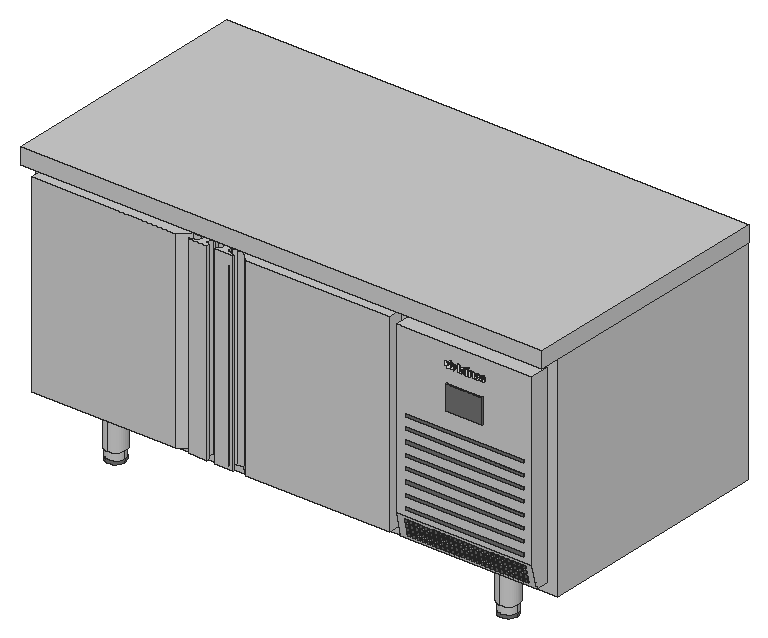
Revit family "QF_INFRICO_MR1620_250813115525", category Specialty Equipment, Revit 2021
Family settings
  Round Connector Dimension = Use Diameter
  Part Type = Normal
  OmniClass Number = 23.40.40.14
  OmniClass Title = Food Service Equipment
  Work Plane-Based = No
  Always vertical = Yes
  Cut with Voids When Loaded = No
  Shared = No
  Room Calculation Point = No
Parameters (values of type "MR1620-R290")
  Weight [instance] = 155.999 kg
  Waste Water Discharge Temperature [instance] = 0 °C
  Waste Remarks [instance] = ""
  Warranty Start Date [instance] = ""
  Warranty Duration [instance] = ""
  Volts [instance] = 230 V
  Volt Free Conn [instance] = no
  URL Recommended Spares List [instance] = ""
  URL Manufacturer [instance] = ""
  URL Cutsheet [instance] = ""
  URL Critical Spares List [instance] = ""
  URL = "www.infrico.com"
  Technical Documentation [instance] = ""
  Tag Number [instance] = ""
  Status [instance] = ""
  Start Up Current [instance] = 0 A
  Specification by User [instance] = ""
  Specification by Manufacturer [instance] = ""
  Sound Level [instance] = ""
  Show Logo [instance] = yes
  Show Clearances [instance] = yes
  Service Life Duration [instance] = ""
  Serial Number [instance] = ""
  Seismic Rating [instance] = ""
  SMACNA No [instance] = ""
  Revision Code [instance] = ""
  Revision [instance] = ""
  Production Year [instance] = ""
  Potential Equalisation [instance] = no
  Point Load [instance] = 0
  Plumbing Connection Type [instance] = ""
  Phase [instance] = 1
  Other Equipment Approvals [instance] = ""
  Operational Current [instance] = 0 A
  Number of Poles [instance] = 2
  No Load Power Draw [instance] = no
  NAFEM Spec ID Number [instance] = ""
  Model Warning [instance] = ""
  Model = "MR1620"
  Min Ckt Ampacity [instance] = 0 A
  Max Overcurrent Protection [instance] = 0 A
  Masterspec [instance] = ""
  Manufacturer = "INFRICO"
  Main switch integrated [instance] = no
  Length Actual [instance] = 1617.98 mm
  Item Number [instance] = ""
  Installed By [instance] = ""
  Installation Date [instance] = ""
  Indirect Waste Size [instance] = 19.05 mm
  Indirect Waste Remarks [instance] = ""
  Indirect Waste Flow [instance] = 0.0 L/s
  Indirect Waste Connection Type [instance] = ""
  Indirect Waste Connection Height [instance] = 0 mm
  Identify Quantity as Lot [instance] = no
  ID [instance] = ""
  Hygiene Approval [instance] = ""
  Height Actual [instance] = 849.884 mm
  HP power [instance] = ""
  Furnished By [instance] = ""
  Foodservice Equipment Identifier [instance] = no
  FL Amps [instance] = 0 A
  Electrical Remarks [instance] = ""
  Electric power [instance] = 370 W
  Electric Connection Type [instance] = ""
  Elec Conn RI Height [instance] = 0 mm
  Elec Conn Connection Height [instance] = 0 mm
  ETL Approved [instance] = no
  Direct Waste Water Discharge Temperature [instance] = -273.15 °C
  Direct Waste Size [instance] = 19.05 mm
  Direct Waste RI Height [instance] = 0 mm
  Direct Waste Flow [instance] = 0.0 L/s
  Direct Waste Connection Height [instance] = 0 mm
  Description = "EURONORM 600X400 PASTRY COUNTER REFRIGERATOR AND FREEZER 800 SERIES - R290"
  Depth Actual [instance] = 800.1 mm
  Default Elevation = 0 mm
  Cycle [instance] = 50 Hz
  Cost = 0
  Connection to energy optimisation system [instance] = yes
  Conn Plug [instance] = ""
  Conn Conduit [instance] = no
  Centralized building control system with digital interface [instance] = ""
  CSI MasterFormat [instance] = ""
  CE Approved [instance] = no
  Barcode [instance] = 0
  Author [instance] = ""
  Asset Identifier [instance] = ""
  Apparent Power [instance] = 370 VA
  Accessory [instance] = no
Reference planes
  plane 1 "Center (Front/Back)": y = 0
  plane 2: z = 0
  plane 3 "Center (Left/Right)": x = 0
Forms (mm)
  Extrusion 1, solid, not visible
    sketch origin (615.03, -113.006, 142.007) x (1, 0, 0) y (0, 1, 0)
      loop
        line (-2, 2) -> (-2, -2) -> (2, -2) -> (2, 2) -> (-2, 2)
    from -2 to 2
  Extrusion 2, solid, not visible
    sketch origin (1556.076, -60.003, 142.007) x (1, 0, 0) y (0, 1, 0)
      loop
        line (-2, 2) -> (-2, -2) -> (2, -2) -> (2, 2) -> (-2, 2)
    from -2 to 2
Dimensions and locks
  locked: nested 2 to Extrusion 1 at 2  (x2)
  locked: nested 3 to Extrusion 2 at 2  (x2)
  aligned and locked: level to plane 2
Nested families
  nested 1: "QF_INFRICO_MR1620_2920" at (0, 0, 140), type "MR1620-R290"
    with Weight 155.999 kg, Warranty Start Date "", Warranty Duration "", URL Cutsheet "", Technical Documentation "", Tag Number "", Status "", Specification by User "", Specification by Manufacturer "", Sound Level "", Solid Fuel Type "", Show Logo yes, Show Clearances yes, Show Clearance yes, Service Life Duration "", Serial Number "", Seismic Rating "", SMACNA No "", Revision Code "", Revision "", Production Year "", Point Load 0, Other Equipment Approvals "", NAFEM Spec ID Number "", Model Warning "", Masterspec "", Length Actual 1617.98 mm, Item Number "", Installed By "", Installation Date "", Identify Quantity as Lot yes, ID "", Hygiene Approval "", Height Actual 849.884 mm, Furnished By "", Foodservice Equipment Identifier yes, ETL Approved yes, Depth Actual 800.1 mm, CSI MasterFormat "", CE Approved no, Barcode "", Author "", Asset Identifier "", Accessory no
  nested 2: "CONN_POINT_DRAIN_2D___Generic_Annotation" at (615.03, -113.006, 140.007), type "CONN_POINT_DRAIN_2D___Generic_Annotation"
    with Onboard connection annotation symbol visibility yes
  nested 3: "CONN_POINT_ELE_2D___Generic_Annotation" at (1556.076, -60.003, 140.007), type "CONN_POINT_ELE_2D___Generic_Annotation"
    with Onboard connection annotation symbol visibility yes
  nested 4: "QF_INFRICO_MR_DOOR_SX_4840" at (22, -738, 168), type "MR_DOOR_SX"
    with Weight 0.00 kg, Warranty Start Date "", Warranty Duration "", URL Cutsheet "", Technical Documentation "", Tag Number "", Status "", Specification by User "", Specification by Manufacturer "", Sound Level "", Solid Fuel Type "", Show Logo yes, Show Clearances yes, Show Clearance yes, Service Life Duration "", Serial Number "", Seismic Rating "", SMACNA No "", Revision Code "", Revision "", Production Year "", Point Load 0, Other Equipment Approvals "", NAFEM Spec ID Number "", Model Warning "", Masterspec "", Length Actual 542.036 mm, Item Number "", Installed By "", Installation Date "", Identify Quantity as Lot yes, ID "", Hygiene Approval "", Height Actual 596.9 mm, Furnished By "", Foodservice Equipment Identifier yes, ETL Approved yes, Depth Actual 54.102 mm, CSI MasterFormat "", CE Approved no, Barcode "", Author "", Asset Identifier "", Accessory yes
  nested 5: "QF_INFRICO_MR_DOOR_DX_5621" at (589, -738, 168), type "MR_DOOR_DX"
    with Weight 0.00 kg, Warranty Start Date "", Warranty Duration "", URL Cutsheet "", Technical Documentation "", Tag Number "", Status "", Specification by User "", Specification by Manufacturer "", Sound Level "", Solid Fuel Type "", Show Logo yes, Show Clearances yes, Show Clearance yes, Service Life Duration "", Serial Number "", Seismic Rating "", SMACNA No "", Revision Code "", Revision "", Production Year "", Point Load 0, Other Equipment Approvals "", NAFEM Spec ID Number "", Model Warning "", Masterspec "", Length Actual 542.036 mm, Item Number "", Installed By "", Installation Date "", Identify Quantity as Lot yes, ID "", Hygiene Approval "", Height Actual 596.9 mm, Furnished By "", Foodservice Equipment Identifier yes, ETL Approved yes, Depth Actual 54.102 mm, CSI MasterFormat "", CE Approved no, Barcode "", Author "", Asset Identifier "", Accessory yes
  nested 6: "QF_INFRICO_WORKTOP_6398" at (0, 0, 800), type "ENC12SPMR16"
    with Weight 0.00 kg, Warranty Start Date "", Warranty Duration "", URL Cutsheet "", Technical Documentation "", Tag Number "", Status "", Specification by User "", Specification by Manufacturer "", Sound Level "", Solid Fuel Type "", Show Logo yes, Show Clearances yes, Show Clearance yes, Service Life Duration "", Serial Number "", Seismic Rating "", SMACNA No "", Revision Code "", Revision "", Production Year "", Point Load 0, Other Equipment Approvals "", NAFEM Spec ID Number "", Model Warning "", Masterspec "", Length Actual 1617.98 mm, Item Number "", Installed By "", Installation Date "", Identify Quantity as Lot yes, ID "", Hygiene Approval "", Height Actual 50.038 mm, Furnished By "", Foodservice Equipment Identifier yes, ETL Approved yes, Depth Actual 800.1 mm, CSI MasterFormat "", CE Approved no, Barcode "", Author "", Asset Identifier "", Accessory yes
  nested 7: "QF_INFRICO_LEGS_7242" at (0, 0, 0), type "LEGS_1610_800"
    with Weight 0.00 kg, Warranty Start Date "", Warranty Duration "", URL Cutsheet "", Technical Documentation "", Tag Number "", Status "", Specification by User "", Specification by Manufacturer "", Sound Level "", Solid Fuel Type "", Show Logo yes, Show Clearances yes, Show Clearance yes, Service Life Duration "", Serial Number "", Seismic Rating "", SMACNA No "", Revision Code "", Revision "", Production Year "", Point Load 0, Other Equipment Approvals "", NAFEM Spec ID Number "", Model Warning "", Masterspec "", Length Actual 1468.12 mm, Item Number "", Installed By "", Installation Date "", Identify Quantity as Lot yes, ID "", Hygiene Approval "", Height Actual 139.954 mm, Furnished By "", Foodservice Equipment Identifier yes, ETL Approved yes, Depth Actual 800.1 mm, CSI MasterFormat "", CE Approved no, Barcode "", Author "", Asset Identifier "", Accessory yes
Connectors
  piping at (615.03, -113.006, 140.007), diameter 19.05, driven by "Indirect Waste Size", driven by "Direct Waste Flow"
    settings: on Extrusion 1, index 1, connector inside diameter 609.6 mm, connector length 0 mm, flow factor 0, pipe flow 0.0 L/s, pressure drop 0.0 Pa, fitting loss kfactor 0, connector angle 0.00°, fixture units 0, engagement length 0 mm, angle of deflection 0.00°, flow configuration 1, flow direction 2, fitting loss method 0, system type 16, joint type 0, gender type 0, connector reference index -1, connector utility 0, adjustable connector no, is connector primary yes, connector description "Waste connection for MR1620"
  electrical at (1556.076, -60.003, 140.007), driven by "Apparent Power", driven by "Number of Poles", driven by "Volts"
    settings: on Extrusion 2, index 2, voltage 230 V, apparent load 0 VA, apparent load phase1 370 VA, apparent load phase2 0 VA, apparent load phase3 0 VA, power factor 1, load classification "Other", number of poles 2, system type 31, power factor state 1, is connector primary yes, connector utility no, sub classification motor no, connector description "Electrical connection for MR1620"
Definition of nested family "QF_INFRICO_MR1620_2920"
  Parameters (values of type "MR1620-R290")
    Weight [instance] = 0.00 kg
    Warranty Start Date [instance] = ""
    Warranty Duration [instance] = ""
    URL Cutsheet [instance] = ""
    URL = "www.infrico.com"
    Technical Documentation [instance] = ""
    Tag Number [instance] = ""
    Status [instance] = ""
    Specification by User [instance] = ""
    Specification by Manufacturer [instance] = ""
    Sound Level [instance] = ""
    Solid Fuel Type [instance] = ""
    Show Logo [instance] = yes
    Show Clearances [instance] = yes
    Show Clearance [instance] = yes
    Service Life Duration [instance] = ""
    Serial Number [instance] = ""
    Seismic Rating [instance] = ""
    SMACNA No [instance] = ""
    Revision Code [instance] = ""
    Revision [instance] = ""
    Production Year [instance] = ""
    Point Load [instance] = 0
    Other Equipment Approvals [instance] = ""
    NAFEM Spec ID Number [instance] = ""
    Model Warning [instance] = ""
    Model = "MR1620"
    Masterspec [instance] = ""
    Manufacturer = "INFRICO"
    Length Actual [instance] = 0 mm
    Item Number [instance] = ""
    Installed By [instance] = ""
    Installation Date [instance] = ""
    Identify Quantity as Lot [instance] = yes
    ID [instance] = ""
    Hygiene Approval [instance] = ""
    Height Actual [instance] = 0 mm
    Furnished By [instance] = ""
    Foodservice Equipment Identifier [instance] = yes
    ETL Approved [instance] = yes
    Description = "EURONORM 600X400 PASTRY COUNTER REFRIGERATOR AND FREEZER 800 SERIES - R290"
    Depth Actual [instance] = 0 mm
    Default Elevation = 0 mm
    CSI MasterFormat [instance] = ""
    CE Approved [instance] = yes
    Barcode [instance] = ""
    Author [instance] = ""
    Asset Identifier [instance] = ""
    Assembly Code = "E1090320"
    Accessory [instance] = yes
  Types (4, lengths in mm): name | Model | Description
    MR1620 | "MR1620" | "EURONORM 600X400 PASTRY COUNTER REFRIGERATOR AND FREEZER 800 SERIES - R134A"
    MR1620BT | "MR1620BT" | "EURONORM 600X400 PASTRY COUNTER REFRIGERATOR AND FREEZER 800 SERIES - R134A"
    MR1620CR | "MR1620CR" | "GLASS DOOR EURONORM 600X400 PASTRY COUNTER REFRIGERATOR 800 SERIES - R134A"
    MR1620-R290 | "MR1620" | "EURONORM 600X400 PASTRY COUNTER REFRIGERATOR AND FREEZER 800 SERIES - R290"
  Reference planes
    plane 1 "Back": y = 0
    plane 2: z = 0
    plane 3 "Left": x = 0
    plane 4 "Right": x = 1618
    plane 5 "Front": y = -800
    plane 6 "Top": z = 660
  Forms (mm)
    Extrusion 1, solid
      sketch origin (150, -100, -140) x (0, 1, 0) y (0, 0, 1)
        loop
          line (-638.02, 765.292) -> (-695.03, 765.292) -> (-695.03, 238.436) -> (-678.769, 168) -> (-638.02, 168) -> (-638.02, 765.292)
      from 1013.993 to 1433.993
    Extrusion 2, solid
      sketch origin (-1850, -793.13, -140) x (1, 0, 0) y (0, 0, 1)
        loop
          line (3408.016, 523.949) -> (3040.73, 523.949) -> (3040.73, 514.949) -> (3408.016, 514.949) -> (3408.016, 523.949)
        loop
          line (3408.016, 486.949) -> (3040.73, 486.949) -> (3040.73, 477.949) -> (3408.016, 477.949) -> (3408.016, 486.949)
        loop
          line (3408.016, 449.949) -> (3040.73, 449.949) -> (3040.73, 440.949) -> (3408.016, 440.949) -> (3408.016, 449.949)
        loop
          line (3408.016, 412.949) -> (3040.73, 412.949) -> (3040.73, 403.949) -> (3408.016, 403.949) -> (3408.016, 412.949)
        loop
          line (3408.016, 375.949) -> (3040.73, 375.949) -> (3040.73, 366.949) -> (3408.016, 366.949) -> (3408.016, 375.949)
        loop
          line (3408.016, 338.949) -> (3040.73, 338.949) -> (3040.73, 329.949) -> (3408.016, 329.949) -> (3408.016, 338.949)
        loop
          line (3408.016, 301.949) -> (3040.73, 301.949) -> (3040.73, 292.949) -> (3408.016, 292.949) -> (3408.016, 301.949)
        loop
          line (3408.016, 264.949) -> (3040.73, 264.949) -> (3040.73, 255.949) -> (3408.016, 255.949) -> (3408.016, 264.949)
      from 0 to 2
    Extrusion 3, solid
      sketch origin (-1850, -739.263, -134.673) x (1, 0, 0) y (0, -0.224951, 0.97437)
        loop
          line (3036.73, 215.974) -> (3036.73, 205.974) -> (3046.73, 205.974) -> (3046.73, 215.974) -> (3036.73, 215.974)
        loop
          line (3036.73, 230.769) -> (3036.73, 220.769) -> (3046.73, 220.769) -> (3046.73, 230.769) -> (3036.73, 230.769)
        loop
          line (3036.73, 186.385) -> (3036.73, 176.385) -> (3046.73, 176.385) -> (3046.73, 186.385) -> (3036.73, 186.385)
        loop
          line (3036.73, 201.179) -> (3036.73, 191.179) -> (3046.73, 191.179) -> (3046.73, 201.179) -> (3036.73, 201.179)
        loop
          line (3051.938, 215.974) -> (3051.938, 205.974) -> (3061.938, 205.974) -> (3061.938, 215.974) -> (3051.938, 215.974)
        loop
          line (3051.938, 230.769) -> (3051.938, 220.769) -> (3061.938, 220.769) -> (3061.938, 230.769) -> (3051.938, 230.769)
        loop
          line (3051.938, 186.385) -> (3051.938, 176.385) -> (3061.938, 176.385) -> (3061.938, 186.385) -> (3051.938, 186.385)
        loop
          line (3051.938, 201.179) -> (3051.938, 191.179) -> (3061.938, 191.179) -> (3061.938, 201.179) -> (3051.938, 201.179)
        loop
          line (3067.147, 215.974) -> (3067.147, 205.974) -> (3077.147, 205.974) -> (3077.147, 215.974) -> (3067.147, 215.974)
        loop
          line (3067.147, 230.769) -> (3067.147, 220.769) -> (3077.147, 220.769) -> (3077.147, 230.769) -> (3067.147, 230.769)
        loop
          line (3067.147, 186.385) -> (3067.147, 176.385) -> (3077.147, 176.385) -> (3077.147, 186.385) -> (3067.147, 186.385)
        loop
          line (3067.147, 201.179) -> (3067.147, 191.179) -> (3077.147, 191.179) -> (3077.147, 201.179) -> (3067.147, 201.179)
        loop
          line (3082.355, 215.974) -> (3082.355, 205.974) -> (3092.355, 205.974) -> (3092.355, 215.974) -> (3082.355, 215.974)
        loop
          line (3082.355, 230.769) -> (3082.355, 220.769) -> (3092.355, 220.769) -> (3092.355, 230.769) -> (3082.355, 230.769)
        loop
          line (3082.355, 186.385) -> (3082.355, 176.385) -> (3092.355, 176.385) -> (3092.355, 186.385) -> (3082.355, 186.385)
        loop
          line (3082.355, 201.179) -> (3082.355, 191.179) -> (3092.355, 191.179) -> (3092.355, 201.179) -> (3082.355, 201.179)
        loop
          line (3097.563, 215.974) -> (3097.563, 205.974) -> (3107.563, 205.974) -> (3107.563, 215.974) -> (3097.563, 215.974)
        loop
          line (3097.563, 230.769) -> (3097.563, 220.769) -> (3107.563, 220.769) -> (3107.563, 230.769) -> (3097.563, 230.769)
        loop
          line (3097.563, 186.385) -> (3097.563, 176.385) -> (3107.563, 176.385) -> (3107.563, 186.385) -> (3097.563, 186.385)
        loop
          line (3097.563, 201.179) -> (3097.563, 191.179) -> (3107.563, 191.179) -> (3107.563, 201.179) -> (3097.563, 201.179)
        loop
          line (3112.772, 215.974) -> (3112.772, 205.974) -> (3122.772, 205.974) -> (3122.772, 215.974) -> (3112.772, 215.974)
        loop
          line (3112.772, 230.769) -> (3112.772, 220.769) -> (3122.772, 220.769) -> (3122.772, 230.769) -> (3112.772, 230.769)
        loop
          line (3112.772, 186.385) -> (3112.772, 176.385) -> (3122.772, 176.385) -> (3122.772, 186.385) -> (3112.772, 186.385)
        loop
          line (3112.772, 201.179) -> (3112.772, 191.179) -> (3122.772, 191.179) -> (3122.772, 201.179) -> (3112.772, 201.179)
        loop
          line (3127.98, 215.974) -> (3127.98, 205.974) -> (3137.98, 205.974) -> (3137.98, 215.974) -> (3127.98, 215.974)
        loop
          line (3127.98, 230.769) -> (3127.98, 220.769) -> (3137.98, 220.769) -> (3137.98, 230.769) -> (3127.98, 230.769)
        loop
          line (3127.98, 186.385) -> (3127.98, 176.385) -> (3137.98, 176.385) -> (3137.98, 186.385) -> (3127.98, 186.385)
        loop
          line (3127.98, 201.179) -> (3127.98, 191.179) -> (3137.98, 191.179) -> (3137.98, 201.179) -> (3127.98, 201.179)
        loop
          line (3143.188, 215.974) -> (3143.188, 205.974) -> (3153.188, 205.974) -> (3153.188, 215.974) -> (3143.188, 215.974)
        loop
          line (3143.188, 230.769) -> (3143.188, 220.769) -> (3153.188, 220.769) -> (3153.188, 230.769) -> (3143.188, 230.769)
        loop
          line (3143.188, 186.385) -> (3143.188, 176.385) -> (3153.188, 176.385) -> (3153.188, 186.385) -> (3143.188, 186.385)
        loop
          line (3143.188, 201.179) -> (3143.188, 191.179) -> (3153.188, 191.179) -> (3153.188, 201.179) -> (3143.188, 201.179)
        loop
          line (3158.397, 215.974) -> (3158.397, 205.974) -> (3168.397, 205.974) -> (3168.397, 215.974) -> (3158.397, 215.974)
        loop
          line (3158.397, 230.769) -> (3158.397, 220.769) -> (3168.397, 220.769) -> (3168.397, 230.769) -> (3158.397, 230.769)
        loop
          line (3158.397, 186.385) -> (3158.397, 176.385) -> (3168.397, 176.385) -> (3168.397, 186.385) -> (3158.397, 186.385)
        loop
          line (3158.397, 201.179) -> (3158.397, 191.179) -> (3168.397, 191.179) -> (3168.397, 201.179) -> (3158.397, 201.179)
        loop
          line (3173.605, 215.974) -> (3173.605, 205.974) -> (3183.605, 205.974) -> (3183.605, 215.974) -> (3173.605, 215.974)
        loop
          line (3173.605, 230.769) -> (3173.605, 220.769) -> (3183.605, 220.769) -> (3183.605, 230.769) -> (3173.605, 230.769)
        loop
          line (3173.605, 186.385) -> (3173.605, 176.385) -> (3183.605, 176.385) -> (3183.605, 186.385) -> (3173.605, 186.385)
        loop
          line (3173.605, 201.179) -> (3173.605, 191.179) -> (3183.605, 191.179) -> (3183.605, 201.179) -> (3173.605, 201.179)
        loop
          line (3188.813, 215.974) -> (3188.813, 205.974) -> (3198.813, 205.974) -> (3198.813, 215.974) -> (3188.813, 215.974)
        loop
          line (3188.813, 230.769) -> (3188.813, 220.769) -> (3198.813, 220.769) -> (3198.813, 230.769) -> (3188.813, 230.769)
        loop
          line (3188.813, 186.385) -> (3188.813, 176.385) -> (3198.813, 176.385) -> (3198.813, 186.385) -> (3188.813, 186.385)
        loop
          line (3188.813, 201.179) -> (3188.813, 191.179) -> (3198.813, 191.179) -> (3198.813, 201.179) -> (3188.813, 201.179)
        loop
          line (3204.022, 215.974) -> (3204.022, 205.974) -> (3214.022, 205.974) -> (3214.022, 215.974) -> (3204.022, 215.974)
        loop
          line (3204.022, 230.769) -> (3204.022, 220.769) -> (3214.022, 220.769) -> (3214.022, 230.769) -> (3204.022, 230.769)
        loop
          line (3204.022, 186.385) -> (3204.022, 176.385) -> (3214.022, 176.385) -> (3214.022, 186.385) -> (3204.022, 186.385)
        loop
          line (3204.022, 201.179) -> (3204.022, 191.179) -> (3214.022, 191.179) -> (3214.022, 201.179) -> (3204.022, 201.179)
        loop
          line (3219.23, 215.974) -> (3219.23, 205.974) -> (3229.23, 205.974) -> (3229.23, 215.974) -> (3219.23, 215.974)
        loop
          line (3219.23, 230.769) -> (3219.23, 220.769) -> (3229.23, 220.769) -> (3229.23, 230.769) -> (3219.23, 230.769)
        loop
          line (3219.23, 186.385) -> (3219.23, 176.385) -> (3229.23, 176.385) -> (3229.23, 186.385) -> (3219.23, 186.385)
        loop
          line (3219.23, 201.179) -> (3219.23, 191.179) -> (3229.23, 191.179) -> (3229.23, 201.179) -> (3219.23, 201.179)
        loop
          line (3234.438, 215.974) -> (3234.438, 205.974) -> (3244.438, 205.974) -> (3244.438, 215.974) -> (3234.438, 215.974)
        loop
          line (3234.438, 230.769) -> (3234.438, 220.769) -> (3244.438, 220.769) -> (3244.438, 230.769) -> (3234.438, 230.769)
        loop
          line (3234.438, 186.385) -> (3234.438, 176.385) -> (3244.438, 176.385) -> (3244.438, 186.385) -> (3234.438, 186.385)
        loop
          line (3234.438, 201.179) -> (3234.438, 191.179) -> (3244.438, 191.179) -> (3244.438, 201.179) -> (3234.438, 201.179)
        loop
          line (3249.647, 215.974) -> (3249.647, 205.974) -> (3259.647, 205.974) -> (3259.647, 215.974) -> (3249.647, 215.974)
        loop
          line (3249.647, 230.769) -> (3249.647, 220.769) -> (3259.647, 220.769) -> (3259.647, 230.769) -> (3249.647, 230.769)
        loop
          line (3249.647, 186.385) -> (3249.647, 176.385) -> (3259.647, 176.385) -> (3259.647, 186.385) -> (3249.647, 186.385)
        loop
          line (3249.647, 201.179) -> (3249.647, 191.179) -> (3259.647, 191.179) -> (3259.647, 201.179) -> (3249.647, 201.179)
        loop
          line (3264.855, 215.974) -> (3264.855, 205.974) -> (3274.855, 205.974) -> (3274.855, 215.974) -> (3264.855, 215.974)
        loop
          line (3264.855, 230.769) -> (3264.855, 220.769) -> (3274.855, 220.769) -> (3274.855, 230.769) -> (3264.855, 230.769)
        loop
          line (3264.855, 186.385) -> (3264.855, 176.385) -> (3274.855, 176.385) -> (3274.855, 186.385) -> (3264.855, 186.385)
        loop
          line (3264.855, 201.179) -> (3264.855, 191.179) -> (3274.855, 191.179) -> (3274.855, 201.179) -> (3264.855, 201.179)
        loop
          line (3280.063, 215.974) -> (3280.063, 205.974) -> (3290.063, 205.974) -> (3290.063, 215.974) -> (3280.063, 215.974)
        loop
          line (3280.063, 230.769) -> (3280.063, 220.769) -> (3290.063, 220.769) -> (3290.063, 230.769) -> (3280.063, 230.769)
        loop
          line (3280.063, 186.385) -> (3280.063, 176.385) -> (3290.063, 176.385) -> (3290.063, 186.385) -> (3280.063, 186.385)
        loop
          line (3280.063, 201.179) -> (3280.063, 191.179) -> (3290.063, 191.179) -> (3290.063, 201.179) -> (3280.063, 201.179)
        loop
          line (3295.272, 215.974) -> (3295.272, 205.974) -> (3305.272, 205.974) -> (3305.272, 215.974) -> (3295.272, 215.974)
        loop
          line (3295.272, 230.769) -> (3295.272, 220.769) -> (3305.272, 220.769) -> (3305.272, 230.769) -> (3295.272, 230.769)
        loop
          line (3295.272, 186.385) -> (3295.272, 176.385) -> (3305.272, 176.385) -> (3305.272, 186.385) -> (3295.272, 186.385)
        loop
          line (3295.272, 201.179) -> (3295.272, 191.179) -> (3305.272, 191.179) -> (3305.272, 201.179) -> (3295.272, 201.179)
        loop
          line (3310.48, 215.974) -> (3310.48, 205.974) -> (3320.48, 205.974) -> (3320.48, 215.974) -> (3310.48, 215.974)
        loop
          line (3310.48, 230.769) -> (3310.48, 220.769) -> (3320.48, 220.769) -> (3320.48, 230.769) -> (3310.48, 230.769)
        loop
          line (3310.48, 186.385) -> (3310.48, 176.385) -> (3320.48, 176.385) -> (3320.48, 186.385) -> (3310.48, 186.385)
        loop
          line (3310.48, 201.179) -> (3310.48, 191.179) -> (3320.48, 191.179) -> (3320.48, 201.179) -> (3310.48, 201.179)
        loop
          line (3325.688, 215.974) -> (3325.688, 205.974) -> (3335.688, 205.974) -> (3335.688, 215.974) -> (3325.688, 215.974)
        loop
          line (3325.688, 230.769) -> (3325.688, 220.769) -> (3335.688, 220.769) -> (3335.688, 230.769) -> (3325.688, 230.769)
        loop
          line (3325.688, 186.385) -> (3325.688, 176.385) -> (3335.688, 176.385) -> (3335.688, 186.385) -> (3325.688, 186.385)
        loop
          line (3325.688, 201.179) -> (3325.688, 191.179) -> (3335.688, 191.179) -> (3335.688, 201.179) -> (3325.688, 201.179)
        loop
          line (3340.897, 215.974) -> (3340.897, 205.974) -> (3350.897, 205.974) -> (3350.897, 215.974) -> (3340.897, 215.974)
        loop
          line (3340.897, 230.769) -> (3340.897, 220.769) -> (3350.897, 220.769) -> (3350.897, 230.769) -> (3340.897, 230.769)
        loop
          line (3340.897, 186.385) -> (3340.897, 176.385) -> (3350.897, 176.385) -> (3350.897, 186.385) -> (3340.897, 186.385)
        loop
          line (3340.897, 201.179) -> (3340.897, 191.179) -> (3350.897, 191.179) -> (3350.897, 201.179) -> (3340.897, 201.179)
        loop
          line (3356.105, 215.974) -> (3356.105, 205.974) -> (3366.105, 205.974) -> (3366.105, 215.974) -> (3356.105, 215.974)
        loop
          line (3356.105, 230.769) -> (3356.105, 220.769) -> (3366.105, 220.769) -> (3366.105, 230.769) -> (3356.105, 230.769)
        loop
          line (3356.105, 186.385) -> (3356.105, 176.385) -> (3366.105, 176.385) -> (3366.105, 186.385) -> (3356.105, 186.385)
        loop
          line (3356.105, 201.179) -> (3356.105, 191.179) -> (3366.105, 191.179) -> (3366.105, 201.179) -> (3356.105, 201.179)
        loop
          line (3371.313, 215.974) -> (3371.313, 205.974) -> (3381.313, 205.974) -> (3381.313, 215.974) -> (3371.313, 215.974)
        loop
          line (3371.313, 230.769) -> (3371.313, 220.769) -> (3381.313, 220.769) -> (3381.313, 230.769) -> (3371.313, 230.769)
        loop
          line (3371.313, 186.385) -> (3371.313, 176.385) -> (3381.313, 176.385) -> (3381.313, 186.385) -> (3371.313, 186.385)
        loop
          line (3371.313, 201.179) -> (3371.313, 191.179) -> (3381.313, 191.179) -> (3381.313, 201.179) -> (3371.313, 201.179)
        loop
          line (3386.522, 215.974) -> (3386.522, 205.974) -> (3396.522, 205.974) -> (3396.522, 215.974) -> (3386.522, 215.974)
        loop
          line (3386.522, 230.769) -> (3386.522, 220.769) -> (3396.522, 220.769) -> (3396.522, 230.769) -> (3386.522, 230.769)
        loop
          line (3386.522, 186.385) -> (3386.522, 176.385) -> (3396.522, 176.385) -> (3396.522, 186.385) -> (3386.522, 186.385)
        loop
          line (3386.522, 201.179) -> (3386.522, 191.179) -> (3396.522, 191.179) -> (3396.522, 201.179) -> (3386.522, 201.179)
        loop
          line (3401.73, 215.974) -> (3401.73, 205.974) -> (3411.73, 205.974) -> (3411.73, 215.974) -> (3401.73, 215.974)
        loop
          line (3401.73, 230.769) -> (3401.73, 220.769) -> (3411.73, 220.769) -> (3411.73, 230.769) -> (3401.73, 230.769)
        loop
          line (3401.73, 186.385) -> (3401.73, 176.385) -> (3411.73, 176.385) -> (3411.73, 186.385) -> (3401.73, 186.385)
        loop
          line (3401.73, 201.179) -> (3401.73, 191.179) -> (3411.73, 191.179) -> (3411.73, 201.179) -> (3401.73, 201.179)
      from 0 to 2
    Extrusion 4, solid, visible <- "Show Logo"
      sketch origin (149.014, -793.13, -140) x (1, 0, 0) y (0, 0, 1)
        loop
          line (1208.799, 696.53) -> (1208.799, 719.204) -> (1204.173, 719.204) -> (1204.173, 696.53) -> (1208.799, 696.53)
        loop
          line (1214.779, 713.006) -> (1211.283, 713.006) -> (1211.283, 696.53) -> (1215.772, 696.53) -> (1215.772, 707.832)
          arc (1215.772, 707.832) -> (1217.528, 708.741) -> (1219.417, 709.324) r 11.052
          arc (1219.417, 709.324) -> (1220.929, 708.961) -> (1221.598, 707.557) r 1.806
          line (1221.598, 707.557) -> (1221.598, 696.53) -> (1226.121, 696.53) -> (1226.121, 708.689)
          arc (1226.121, 708.689) -> (1224.637, 712.075) -> (1221.141, 713.281) r 4.607
          arc (1221.141, 713.281) -> (1218.282, 712.674) -> (1215.669, 711.361) r 11.435
          line (1215.669, 711.361) -> (1215.601, 712.184)
          arc (1215.601, 712.184) -> (1215.36, 712.765) -> (1214.779, 713.006) r 0.822
        loop
          line (1238.557, 720.102) -> (1237.306, 720.102)
          arc (1237.306, 720.102) -> (1235.052, 719.926) -> (1232.881, 719.297) r 11.103
          arc (1232.881, 719.297) -> (1230.805, 717.616) -> (1230.024, 715.062) r 4.567
          line (1230.024, 715.062) -> (1230.024, 712.909) -> (1227.351, 712.703) -> (1227.351, 709.374) -> (1230.024, 709.374) -> (1230.024, 696.53) -> (1234.547, 696.53) -> (1234.547, 709.374) -> (1238.249, 709.374) -> (1238.249, 712.938) -> (1234.547, 712.938) -> (1234.547, 714.548)
          arc (1234.547, 714.548) -> (1234.956, 715.705) -> (1236.045, 716.271) r 1.67
          line (1236.045, 716.271) -> (1237.7, 716.399)
          arc (1237.7, 716.399) -> (1238.306, 716.65) -> (1238.557, 717.255) r 0.857
          line (1238.557, 717.255) -> (1238.557, 720.102)
        loop
          line (1239.479, 713.006) -> (1239.479, 696.53) -> (1243.968, 696.53) -> (1243.968, 707.352)
          arc (1243.968, 707.352) -> (1245.873, 708.631) -> (1248.077, 709.268) r 7.435
          line (1248.077, 709.268) -> (1249.241, 709.416)
          arc (1249.241, 709.416) -> (1249.643, 709.758) -> (1249.793, 710.265) r 0.928
          line (1249.793, 710.265) -> (1249.793, 712.458)
          arc (1249.793, 712.458) -> (1249.531, 713.061) -> (1248.912, 713.28) r 0.824
          arc (1248.912, 713.28) -> (1246.197, 712.588) -> (1243.899, 710.984) r 7.833
          line (1243.899, 710.984) -> (1243.726, 713.006) -> (1239.479, 713.006)
        loop
          line (1255.495, 696.53) -> (1255.495, 713.006) -> (1251.006, 713.006) -> (1251.006, 696.53) -> (1255.495, 696.53)
        loop
          arc (1257.421, 701.327) -> (1258.567, 698.188) -> (1261.466, 696.525) r 4.873
          arc (1261.466, 696.525) -> (1264.493, 696.266) -> (1267.521, 696.525) r 17.816
          arc (1267.521, 696.525) -> (1270.575, 699.134) -> (1271.505, 703.041) r 6.481
          line (1271.505, 703.041) -> (1267.187, 703.041) -> (1267.187, 701.67)
          arc (1267.187, 701.67) -> (1266.64, 700.452) -> (1265.442, 699.865) r 1.965
          arc (1265.442, 699.865) -> (1264.547, 699.816) -> (1263.653, 699.865) r 8.196
          arc (1263.653, 699.865) -> (1262.417, 700.415) -> (1261.91, 701.67) r 1.806
          line (1261.91, 701.67) -> (1261.91, 707.9)
          arc (1261.91, 707.9) -> (1262.417, 709.155) -> (1263.653, 709.705) r 1.806
          arc (1263.653, 709.705) -> (1264.547, 709.754) -> (1265.442, 709.705) r 8.196
          arc (1265.442, 709.705) -> (1266.64, 709.118) -> (1267.187, 707.9) r 1.965
          line (1267.187, 707.9) -> (1267.187, 706.838) -> (1271.505, 706.838)
          arc (1271.505, 706.838) -> (1270.524, 710.556) -> (1267.521, 712.959) r 6.132
          arc (1267.521, 712.959) -> (1264.493, 713.294) -> (1261.466, 712.959) r 13.851
          arc (1261.466, 712.959) -> (1258.571, 711.349) -> (1257.421, 708.243) r 4.772
          line (1257.421, 708.243) -> (1257.421, 701.327)
        loop
          arc (1272.916, 701.329) -> (1273.993, 698.345) -> (1276.726, 696.734) r 4.676
          arc (1276.726, 696.734) -> (1278.515, 696.455) -> (1280.318, 696.291) r 28.371
          arc (1280.318, 696.291) -> (1282.122, 696.455) -> (1283.911, 696.734) r 28.371
          arc (1283.911, 696.734) -> (1286.644, 698.345) -> (1287.72, 701.329) r 4.676
          line (1287.72, 701.329) -> (1287.72, 708.242)
          arc (1287.72, 708.242) -> (1286.644, 711.226) -> (1283.911, 712.837) r 4.676
          arc (1283.911, 712.837) -> (1282.122, 713.116) -> (1280.318, 713.28) r 28.371
          arc (1280.318, 713.28) -> (1278.515, 713.116) -> (1276.726, 712.837) r 28.371
          arc (1276.726, 712.837) -> (1273.993, 711.226) -> (1272.916, 708.242) r 4.676
          line (1272.916, 708.242) -> (1272.916, 701.329)
        loop
          line (1277.405, 707.866) -> (1277.405, 701.705)
          arc (1277.405, 701.705) -> (1277.844, 700.556) -> (1278.936, 699.991) r 1.725
          arc (1278.936, 699.991) -> (1279.627, 699.918) -> (1280.318, 699.856) r 46.133
          arc (1280.318, 699.856) -> (1281.01, 699.918) -> (1281.701, 699.991) r 46.133
          arc (1281.701, 699.991) -> (1282.793, 700.556) -> (1283.231, 701.705) r 1.725
          line (1283.231, 701.705) -> (1283.231, 707.866)
          arc (1283.231, 707.866) -> (1282.793, 709.015) -> (1281.701, 709.58) r 1.725
          arc (1281.701, 709.58) -> (1281.01, 709.653) -> (1280.318, 709.716) r 46.133
          arc (1280.318, 709.716) -> (1279.627, 709.653) -> (1278.936, 709.58) r 46.133
          arc (1278.936, 709.58) -> (1277.844, 709.015) -> (1277.405, 707.866) r 1.725
        loop
          arc (1190.339, 696.543) -> (1191.411, 696.987) -> (1191.856, 698.059) r 1.516
          line (1191.856, 698.059) -> (1191.856, 703.891) -> (1196.035, 703.891)
          arc (1196.035, 703.891) -> (1196.79, 704.121) -> (1197.218, 704.782) r 1.147
          line (1197.218, 704.782) -> (1197.218, 706.211)
          arc (1197.218, 706.211) -> (1196.787, 707.258) -> (1195.719, 707.634) r 1.385
          line (1195.719, 707.634) -> (1194.52, 707.634) -> (1197.218, 710.332)
          arc (1197.218, 710.332) -> (1197.605, 711.266) -> (1197.218, 712.2) r 1.321
          line (1197.218, 712.2) -> (1196.495, 712.923)
          arc (1196.495, 712.923) -> (1195.54, 713.338) -> (1194.558, 712.991) r 1.422
          line (1194.558, 712.991) -> (1191.853, 710.286) -> (1191.853, 711.479)
          arc (1191.853, 711.479) -> (1191.443, 712.516) -> (1190.435, 712.992) r 1.516
          line (1190.435, 712.992) -> (1189.514, 712.992)
          arc (1189.514, 712.992) -> (1188.511, 712.514) -> (1188.103, 711.479) r 1.516
          line (1188.103, 711.479) -> (1188.103, 706.83) -> (1182.073, 701.336) -> (1182.073, 707.509) -> (1185.639, 711.075)
          arc (1185.639, 711.075) -> (1186.053, 712.073) -> (1185.639, 713.071) r 1.412
          line (1185.639, 713.071) -> (1184.987, 713.723)
          arc (1184.987, 713.723) -> (1183.939, 714.141) -> (1182.915, 713.667) r 1.428
          line (1182.915, 713.667) -> (1182.073, 712.825) -> (1182.073, 717.784)
          arc (1182.073, 717.784) -> (1181.658, 718.787) -> (1180.655, 719.203) r 1.418
          line (1180.655, 719.203) -> (1179.726, 719.203)
          arc (1179.726, 719.203) -> (1178.723, 718.787) -> (1178.308, 717.784) r 1.418
          line (1178.308, 717.784) -> (1178.308, 712.825) -> (1177.466, 713.667)
          arc (1177.466, 713.667) -> (1176.442, 714.141) -> (1175.394, 713.723) r 1.428
          line (1175.394, 713.723) -> (1174.742, 713.071)
          arc (1174.742, 713.071) -> (1174.328, 712.073) -> (1174.742, 711.075) r 1.412
          line (1174.742, 711.075) -> (1178.308, 707.509) -> (1178.308, 701.336) -> (1172.278, 706.83) -> (1172.278, 711.479)
          arc (1172.278, 711.479) -> (1171.87, 712.514) -> (1170.867, 712.992) r 1.516
          line (1170.867, 712.992) -> (1169.946, 712.992)
          arc (1169.946, 712.992) -> (1168.938, 712.516) -> (1168.528, 711.479) r 1.516
          line (1168.528, 711.479) -> (1168.528, 710.286) -> (1165.823, 712.991)
          arc (1165.823, 712.991) -> (1164.841, 713.338) -> (1163.886, 712.923) r 1.422
          line (1163.886, 712.923) -> (1163.163, 712.2)
          arc (1163.163, 712.2) -> (1162.776, 711.266) -> (1163.163, 710.332) r 1.321
          line (1163.163, 710.332) -> (1165.861, 707.634) -> (1164.662, 707.634)
          arc (1164.662, 707.634) -> (1163.594, 707.258) -> (1163.163, 706.211) r 1.385
          line (1163.163, 706.211) -> (1163.163, 704.782)
          arc (1163.163, 704.782) -> (1163.591, 704.121) -> (1164.346, 703.891) r 1.147
          line (1164.346, 703.891) -> (1168.525, 703.891) -> (1168.525, 698.059)
          arc (1168.525, 698.059) -> (1168.969, 696.987) -> (1170.042, 696.543) r 1.516
          line (1170.042, 696.543) -> (1190.339, 696.543)
      from 0 to 2
    Extrusion 5, solid
      sketch origin (149.014, -100, -140) x (1, 0, 0) y (0, 0, 1)
        loop
          line (1169.616, 654.3) -> (1169.616, 577.9) -> (1281.216, 577.9) -> (1281.216, 654.3) -> (1169.616, 654.3)
      from 695.03 to 698.23
    Extrusion 6, solid
      sketch origin (1016.5, 58.5, 0) x (1, 0, 0) y (0, 1, 0)
        loop
          circle (539.5, -118.5) r 12.7
      from -5 to 0
    Extrusion 7, solid
      sketch origin (0, 0, 0) x (1, 0, 0) y (0, 1, 0)
        loop
          circle (615, -113) r 9.525
      from -5 to 0
    Extrusion 8, solid
      sketch origin (0, -100, 0) x (1, 0, 0) y (0, 1, 0)
        loop
          line (0, -638.02) -> (1618, -638.02) -> (1618, 100) -> (0, 100) -> (0, -638.02)
        loop
          line (60, 40) -> (60, -578.02) -> (1558, -578.02) -> (1558, 40) -> (60, 40)
      from 0 to 660
    Extrusion 9, solid
      sketch origin (0, -100, 0) x (1, 0, 0) y (0, 0, 1)
        loop
          line (60, 0) -> (1558.016, 0) -> (1558.016, 60) -> (60, 60) -> (60, 0)
      from -40 to 578.02
    Extrusion 10, void
      sketch origin (0, -100, 0) x (1, 0, 0) y (0, 0, 1)
        loop
          line (60, 600) -> (60, 60) -> (1070, 60) -> (1070, 600) -> (60, 600)
      from -40 to 638.02
    Extrusion 11, solid
      sketch origin (75, -100, 0) x (1, 0, 0) y (0, 1, 0)
        loop
          line (454, -638.02) -> (549, -638.02) -> (549, -628.02) -> (454, -628.02) -> (454, -638.02)
      from 60 to 600
  Cuts and joins
    Extrusion 10 cuts Extrusion 8
    Extrusion 10 cuts Extrusion 9
    joined: Extrusion 8, Extrusion 9
  Lines and regions (mm)
    symbolic lines, visible <- "Show Clearance"
      curve 1: line (1618, 0, 0) -> (0, 0, 0)
      curve 2: line (0, 0, 0) -> (0, -800, 0)
      curve 3: line (0, -800, 0) -> (1618, -800, 0)
      curve 4: line (1618, -800, 0) -> (1618, 0, 0)
  Dimensions and locks
    plane 4 "Right" to plane 3 "Left" = 1618 mm
    plane 6 "Top" to level = 660 mm
    plane 1 "Back" to plane 5 "Front" = 800 mm  (x2)
    plane 3 "Left" to plane 4 "Right" = 1618 mm
    aligned and locked: level to plane 2
  Connectors
    electrical at (1556, -60, -5)
      settings: on Extrusion 6, index 1, voltage 0 V, apparent load 0 VA, apparent load phase1 0 VA, apparent load phase2 0 VA, apparent load phase3 0 VA, power factor 1, load classification none, number of poles 1, system type 31, power factor state 1, is connector primary yes, connector utility no, sub classification motor no, connector description "Electrical collection"
    piping at (615, -113, -5), diameter 19.1
      settings: on Extrusion 7, index 2, connector inside diameter 609.6 mm, connector length 0 mm, flow factor 0, pipe flow 0.0 L/s, pressure drop 0.0 Pa, fitting loss kfactor 0, connector angle 0.00°, fixture units 0, engagement length 0 mm, angle of deflection 0.00°, flow configuration 1, flow direction 2, fitting loss method 0, system type 16, joint type 0, gender type 0, connector reference index -1, connector utility 0, adjustable connector no, is connector primary yes, connector description "Drain connection"
Definition of nested family "QF_INFRICO_MR_DOOR_SX_4840"
  Parameters (values of type "MR_DOOR_SX")
    Weight [instance] = 0.00 kg
    Warranty Start Date [instance] = ""
    Warranty Duration [instance] = ""
    URL Cutsheet [instance] = ""
    URL = "www.infrico.com"
    Technical Documentation [instance] = ""
    Tag Number [instance] = ""
    Status [instance] = ""
    Specification by User [instance] = ""
    Specification by Manufacturer [instance] = ""
    Sound Level [instance] = ""
    Solid Fuel Type [instance] = ""
    Show Logo [instance] = yes
    Show Clearances [instance] = yes
    Show Clearance [instance] = yes
    Service Life Duration [instance] = ""
    Serial Number [instance] = ""
    Seismic Rating [instance] = ""
    SMACNA No [instance] = ""
    Revision Code [instance] = ""
    Revision [instance] = ""
    Production Year [instance] = ""
    Point Load [instance] = 0
    Other Equipment Approvals [instance] = ""
    NAFEM Spec ID Number [instance] = ""
    Model Warning [instance] = ""
    Model = "MR_DOOR_SX"
    Masterspec [instance] = ""
    Manufacturer = "INFRICO"
    Length Actual [instance] = 0 mm
    Item Number [instance] = ""
    Installed By [instance] = ""
    Installation Date [instance] = ""
    Identify Quantity as Lot [instance] = yes
    ID [instance] = ""
    Hygiene Approval [instance] = ""
    Height Actual [instance] = 0 mm
    Furnished By [instance] = ""
    Foodservice Equipment Identifier [instance] = yes
    ETL Approved [instance] = yes
    Description = "LEFT DOOR"
    Depth Actual [instance] = 0 mm
    Default Elevation = 0 mm
    CSI MasterFormat [instance] = ""
    CE Approved [instance] = yes
    Barcode [instance] = ""
    Author [instance] = ""
    Asset Identifier [instance] = ""
    Assembly Code = "E1090320"
    Accessory [instance] = yes
  Reference planes
    plane 1 "Back": y = 0
    plane 2: z = 0
    plane 3 "Left": x = 0
    plane 4 "Right": x = 542
    plane 5 "Front": y = -44
    plane 6 "Top": z = 597
  Forms (mm)
    Extrusion 1, solid
      sketch origin (3056.326, 654.02, -168.61) x (-1, 0, 0) y (0, -1, 0)
        loop
          line (2610.426, 698.02) -> (2580.356, 667.95) -> (2557.604, 667.95) -> (2546.663, 670.881)
          arc (2546.663, 670.881) -> (2545.582, 671.631) -> (2545.222, 672.896) r 1.95
          line (2545.222, 672.896) -> (2545.566, 682.741)
          arc (2545.566, 682.741) -> (2545.774, 683.563) -> (2546.304, 684.224) r 2.001
          line (2546.304, 684.224) -> (2571.566, 694.947) -> (2571.566, 698.02) -> (2514.326, 698.02) -> (2514.326, 690.261) -> (2526.525, 683.218) -> (2521.592, 664.81) -> (2514.326, 664.81) -> (2514.326, 654.02) -> (3056.326, 654.02) -> (3056.326, 698.02) -> (2610.426, 698.02)
      from 168.61 to 765.61
    Extrusion 2, solid, visible <- "Show Clearance", detail levels coarse
      sketch origin (75, 0, 0) x (1, 0, 0) y (0, 1, 0)
        loop
          line (-75, -44) -> (-75, -467) -> (-31, -467)
          arc (-31, -467) -> (295.701, -346.977) -> (467, -44) r 504.649
          line (467, -44) -> (-75, -44)
      from 0 to 597
  Lines and regions (mm)
    symbolic lines
      curve 1: line (0, -467, 0) -> (0, -62, 0)
      curve 2: line (0, -467, 0) -> (44, -467, 0)
      curve 3: arc (44, -467, 0) -> (363.674, -352.837, 0) -> (538.713, -62, 0) r 504.649
  Dimensions and locks
    plane 4 "Right" to plane 3 "Left" = 542 mm
    plane 6 "Top" to level = 597 mm  (x2)
    plane 1 "Back" to plane 5 "Front" = 44 mm  (x2)
    plane 3 "Left" to plane 4 "Right" = 542 mm
    aligned and locked: level to plane 2
Definition of nested family "QF_INFRICO_MR_DOOR_DX_5621"
  Parameters (values of type "MR_DOOR_DX")
    Weight [instance] = 0.00 kg
    Warranty Start Date [instance] = ""
    Warranty Duration [instance] = ""
    URL Cutsheet [instance] = ""
    URL = "www.infrico.com"
    Technical Documentation [instance] = ""
    Tag Number [instance] = ""
    Status [instance] = ""
    Specification by User [instance] = ""
    Specification by Manufacturer [instance] = ""
    Sound Level [instance] = ""
    Solid Fuel Type [instance] = ""
    Show Logo [instance] = yes
    Show Clearances [instance] = yes
    Show Clearance [instance] = yes
    Service Life Duration [instance] = ""
    Serial Number [instance] = ""
    Seismic Rating [instance] = ""
    SMACNA No [instance] = ""
    Revision Code [instance] = ""
    Revision [instance] = ""
    Production Year [instance] = ""
    Point Load [instance] = 0
    Other Equipment Approvals [instance] = ""
    NAFEM Spec ID Number [instance] = ""
    Model Warning [instance] = ""
    Model = "MR_DOOR_DX"
    Masterspec [instance] = ""
    Manufacturer = "INFRICO"
    Length Actual [instance] = 0 mm
    Item Number [instance] = ""
    Installed By [instance] = ""
    Installation Date [instance] = ""
    Identify Quantity as Lot [instance] = yes
    ID [instance] = ""
    Hygiene Approval [instance] = ""
    Height Actual [instance] = 0 mm
    Furnished By [instance] = ""
    Foodservice Equipment Identifier [instance] = yes
    ETL Approved [instance] = yes
    Description = "RIGHT DOOR"
    Depth Actual [instance] = 0 mm
    Default Elevation = 0 mm
    CSI MasterFormat [instance] = ""
    CE Approved [instance] = yes
    Barcode [instance] = ""
    Author [instance] = ""
    Asset Identifier [instance] = ""
    Assembly Code = "E1090320"
    Accessory [instance] = yes
  Reference planes
    plane 1 "Back": y = 0
    plane 2: z = 0
    plane 3 "Left": x = 0
    plane 4 "Right": x = 542
    plane 5 "Front": y = -44
    plane 6 "Top": z = 597
  Forms (mm)
    Extrusion 1, solid
      sketch origin (-2514.326, 654.02, -168.61) x (1, 0, 0) y (0, 1, 0)
        loop
          line (2610.426, -698.02) -> (3056.326, -698.02) -> (3056.326, -654.02) -> (2514.326, -654.02) -> (2514.326, -664.81) -> (2521.592, -664.81) -> (2526.525, -683.218) -> (2514.326, -690.261) -> (2514.326, -698.02) -> (2571.566, -698.02) -> (2571.566, -694.947) -> (2546.304, -684.224)
          arc (2546.304, -684.224) -> (2545.774, -683.563) -> (2545.566, -682.741) r 2.001
          line (2545.566, -682.741) -> (2545.222, -672.896)
          arc (2545.222, -672.896) -> (2545.582, -671.631) -> (2546.663, -670.881) r 1.95
          line (2546.663, -670.881) -> (2557.604, -667.95) -> (2580.356, -667.95) -> (2610.426, -698.02)
      from 168.61 to 765.61
    Extrusion 2, solid, visible <- "Show Clearance", detail levels coarse
      sketch origin (467, 0, 0) x (-1, 0, 0) y (0, -1, 0)
        loop
          line (-75, 44) -> (467, 44)
          arc (467, 44) -> (295.701, 346.977) -> (-31, 467) r 504.649
          line (-31, 467) -> (-75, 467) -> (-75, 44)
      from 0 to 597
  Lines and regions (mm)
    symbolic lines
      curve 1: line (542, -467, 0) -> (542, -62, 0)
      curve 2: arc (3.287, -62, 0) -> (178.326, -352.837, 0) -> (498, -467, 0) r 504.649
      curve 3: line (498, -467, 0) -> (542, -467, 0)
  Dimensions and locks
    plane 4 "Right" to plane 3 "Left" = 542 mm
    plane 6 "Top" to level = 597 mm  (x2)
    plane 1 "Back" to plane 5 "Front" = 44 mm  (x2)
    plane 3 "Left" to plane 4 "Right" = 542 mm
    aligned and locked: level to plane 2
Definition of nested family "QF_INFRICO_WORKTOP_6398"
  Parameters (values of type "WRKT20_30")
    Weight [instance] = 0.00 kg
    Warranty Start Date [instance] = ""
    Warranty Duration [instance] = ""
    URL Cutsheet [instance] = ""
    URL = "www.infrico.com"
    Technical Documentation [instance] = ""
    Tag Number [instance] = ""
    Status [instance] = ""
    Specification by User [instance] = ""
    Specification by Manufacturer [instance] = ""
    Sound Level [instance] = ""
    Solid Fuel Type [instance] = ""
    Show Logo [instance] = yes
    Show Clearances [instance] = yes
    Show Clearance [instance] = yes
    Service Life Duration [instance] = ""
    Serial Number [instance] = ""
    Seismic Rating [instance] = ""
    SMACNA No [instance] = ""
    Revision Code [instance] = ""
    Revision [instance] = ""
    Production Year [instance] = ""
    Point Load [instance] = 0
    Other Equipment Approvals [instance] = ""
    NAFEM Spec ID Number [instance] = ""
    Model Warning [instance] = ""
    Model = "WRKT20_30"
    Masterspec [instance] = ""
    Manufacturer = "INFRICO"
    Length Actual [instance] = 0 mm
    Length = 1960 mm
    Item Number [instance] = ""
    Installed By [instance] = ""
    Installation Date [instance] = ""
    Identify Quantity as Lot [instance] = yes
    ID [instance] = ""
    Hygiene Approval [instance] = ""
    Height Actual [instance] = 0 mm
    Furnished By [instance] = ""
    Foodservice Equipment Identifier [instance] = yes
    ETL Approved [instance] = yes
    Description = "WORKTOP WHITOUT BACKSPLASH 2000_300"
    Depth Actual [instance] = 0 mm
    Depth = 300 mm
    Default Elevation = 0 mm
    CSI MasterFormat [instance] = ""
    CE Approved [instance] = yes
    Barcode [instance] = ""
    Author [instance] = ""
    Asset Identifier [instance] = ""
    Assembly Code = "E1090320"
    Accessory [instance] = yes
  Types (38, lengths in mm): name | Model | Length | Description | Depth
    ENC12SPGN19 | "ENC12SPGN19" | 1960 | "WORKTOP WITHOUT BACKSPLASH" | 700
    ENC12SPGN14 | "ENC12SPGN14" | 1468 | "WORKTOP WITHOUT BACKSPLASH" | 700
    ENC12SPGN24 | "ENC12SPGN24" | 2452 | "WORKTOP WITHOUT BACKSPLASH" | 700
    ENC12SPGN14R | "ENC12SPGN14R" | 1160 | "WORKTOP WITHOUT BACKSPLASH" | 700
    ENC12SPGN19R | "ENC12SPGN19R" | 1652 | "WORKTOP WITHOUT BACKSPLASH" | 700
    ENC12SPGN24R | "ENC12SPGN24R" | 2144 | "WORKTOP WITHOUT BACKSPLASH" | 700
    ENC12SPBM20 | "ENC12SPBM20" | 1960 | "WORKTOP WITHOUT BACKSPLASH" | 600
    ENC12SPBM15 | "ENC12SPBM15" | 1468 | "WORKTOP WITHOUT BACKSPLASH" | 600
    ENC12SPBM25 | "ENC12SPBM25" | 2452 | "WORKTOP WITHOUT BACKSPLASH" | 600
    ENC12SPBM15R | "ENC12SPBM15R" | 1160 | "WORKTOP WITHOUT BACKSPLASH" | 600
    ENC12SPBM20R | "ENC12SPBM20R" | 1652 | "WORKTOP WITHOUT BACKSPLASH" | 600
    ENC12SPMR16 | "ENC12SPMR16" | 1618 | "WORKTOP WITHOUT BACKSPLASH" | 800
    ENC12SPMR21 | "ENC12SPMR21" | 2185 | "WORKTOP WITHOUT BACKSPLASH" | 800
    ENC12SPMR27 | "ENC12SPMR27" | 2752 | "WORKTOP WITHOUT BACKSPLASH" | 800
    ENC12SPMR16R | "ENC12SPMR16R" | 1310 | "WORKTOP WITHOUT BACKSPLASH" | 800
    ENC12SPMR21R | "ENC12SPMR21R" | 1877 | "WORKTOP WITHOUT BACKSPLASH" | 800
    ENC12SPMR27R | "ENC12SPMR27R" | 2444 | "WORKTOP WITHOUT BACKSPLASH" | 800
    ENC12SPBM25R | "ENC12SPBM25R" | 2144 | "WORKTOP WITHOUT BACKSPLASH" | 600
    ENC12SPMS20 | "ENC12SPMS20" | 2000 | "WORKTOP WITHOUT BACKSPLASH" | 700
    ENC12SPMS24 | "ENC12SPMS24" | 2400 | "WORKTOP WITHOUT BACKSPLASH" | 700
    ENC12SPMS10 | "ENC12SPMS10" | 1000 | "WORKTOP WITHOUT BACKSPLASH" | 700
    ENC12SPMS14 | "ENC12SPMS14" | 1400 | "WORKTOP WITHOUT BACKSPLASH" | 700
    ENC12SPMS16 | "ENC12SPMS16" | 1600 | "WORKTOP WITHOUT BACKSPLASH" | 700
    ENC12SPME10 | "ENC12SPME10" | 978 | "WORKTOP WITHOUT BACKSPLASH" | 700
    ENC12SPME14 | "ENC12SPME14" | 1460 | "WORKTOP WITHOUT BACKSPLASH" | 700
    WRKT10_30 | "WRKT10_30" | 1000 | "WORKTOP WHITOUT BACKSPLASH 1000_300" | 300
    WRKT10_60 | "WRKT10_60" | 1000 | "WORKTOP WHITOUT BACKSPLASH 1000_600" | 600
    WRKT15_30 | "WRKT15_30" | 1468 | "WORKTOP WHITOUT BACKSPLASH 1500_300" | 300
    WRKT15_60 | "WRKT15_60" | 1468 | "WORKTOP WHITOUT BACKSPLASH 1500_600" | 600
    WRKT20_30 | "WRKT20_30" | 1960 | "WORKTOP WHITOUT BACKSPLASH 2000_300" | 300
    WRKT20_60 | "WRKT20_60" | 1960 | "WORKTOP WHITOUT BACKSPLASH 2000_600" | 600
    WRKT25_30 | "WRKT25_30" | 2452 | "WORKTOP WHITOUT BACKSPLASH 2500_300" | 300
    WRKT25_60 | "WRKT25_60" | 2452 | "WORKTOP WHITOUT BACKSPLASH 2500_600" | 600
    WRKT15_60_MT | "WRKT15_60_MT" | 1500 | "WORKTOP WHITOUT BACKSPLASH 1500_600" | 600
    WRKT15_70_MT | "WRKT15_70_MT" | 1500 | "WORKTOP WHITOUT BACKSPLASH 1500_700" | 700
    WRKT20_70_MT | "WRKT20_70_MT" | 2000 | "WORKTOP WHITOUT BACKSPLASH 2000_700" | 700
    WRKT20_60_MT | "WRKT20_60_MT" | 2000 | "WORKTOP WHITOUT BACKSPLASH 2000_600" | 600
    WRKT10_70_MT | "WRKT10_70_MT" | 1000 | "WORKTOP WHITOUT BACKSPLASH 1000_700" | 700
  Reference planes
    plane 1 "Back": y = 0
    plane 2: z = 0
    plane 3 "Left": x = 0
    plane 4 "Right": x = 1960
    plane 5 "Front": y = -300
    plane 6 "Top": z = 50
  Forms (mm)
    Extrusion 1, solid
      sketch origin (0, 0, -800) x (0, 1, 0) y (0, 0, 1)
        loop
          line (0, 850) -> (-300, 850) -> (-300, 800) -> (0, 800) -> (0, 850)
      from 0 to 1960
  Lines and regions (mm)
    symbolic lines
      curve 1: line (1960, 0, 0) -> (0, 0, 0)
      curve 2: line (0, 0, 0) -> (0, -300, 0)
      curve 3: line (0, -300, 0) -> (1960, -300, 0)
      curve 4: line (1960, -300, 0) -> (1960, 0, 0)
  Dimensions and locks
    plane 4 "Right" to plane 3 "Left" = 1960 mm
    plane 6 "Top" to level = 50 mm
    plane 1 "Back" to plane 5 "Front" = 300 mm
    "Length": plane 3 "Left" to plane 4 "Right"
    "Depth": plane 1 "Back" to plane 5 "Front"
    aligned and locked: level to plane 2
    aligned and locked: Extrusion 1 to plane 4 "Right"
  Automatic sketch dimensions
    plane 1 "Back" to curve 1 = 0 mm
    curve 1 to plane 3 "Left" = 0 mm
    curve 3 to plane 4 "Right" = 0 mm
    curve 3 to plane 5 "Front" = 0 mm
    Extrusion 1 sketch curve to plane 5 "Front" = 0 mm
    Extrusion 1 sketch curve to level = 0 mm
    Extrusion 1 sketch curve to plane 1 "Back" = 0 mm
    Extrusion 1 sketch curve to plane 6 "Top" = 0 mm
Definition of nested family "QF_INFRICO_LEGS_7242"
  Parameters (values of type "LEGS_2190_740")
    Weight [instance] = 0.00 kg
    Warranty Start Date [instance] = ""
    Warranty Duration [instance] = ""
    URL Cutsheet [instance] = ""
    URL = "www.infrico.com"
    Technical Documentation [instance] = ""
    Tag Number [instance] = ""
    Status [instance] = ""
    Specification by User [instance] = ""
    Specification by Manufacturer [instance] = ""
    Sound Level [instance] = ""
    Solid Fuel Type [instance] = ""
    Show Logo [instance] = yes
    Show Clearances [instance] = yes
    Show Clearance [instance] = yes
    Service Life Duration [instance] = ""
    Serial Number [instance] = ""
    Seismic Rating [instance] = ""
    SMACNA No [instance] = ""
    Revision Code [instance] = ""
    Revision [instance] = ""
    Production Year [instance] = ""
    Point Load [instance] = 0
    Other Equipment Approvals [instance] = ""
    NAFEM Spec ID Number [instance] = ""
    Model Warning [instance] = ""
    Model = "LEGS_2190_740"
    Masterspec [instance] = ""
    Manufacturer = "INFRICO"
    Length Actual [instance] = 0 mm
    Length = 2185 mm
    Item Number [instance] = ""
    Installed By [instance] = ""
    Installation Date [instance] = ""
    Identify Quantity as Lot [instance] = yes
    ID [instance] = ""
    Hygiene Approval [instance] = ""
    Height Actual [instance] = 0 mm
    Height = 140 mm
    Furnished By [instance] = ""
    Foodservice Equipment Identifier [instance] = yes
    ETL Approved [instance] = yes
    Description = "LEGS"
    Depth Actual [instance] = 0 mm
    Depth = 738 mm
    Default Elevation = 0 mm
    CentralLegs = if(or(Length > 2200 mm, Length = 2144 mm), 2 > 1, 2 < 1)  # no
    CSI MasterFormat [instance] = ""
    CE Approved [instance] = yes
    Barcode [instance] = ""
    Author [instance] = ""
    Asset Identifier [instance] = ""
    Assembly Code = "E1090320"
    Accessory [instance] = yes
  Types (29, lengths in mm): name | Model | Length | Height | Depth | CentralLegs
    LEGS_1960_700 | "LEGS_1960_700" | 1960 | 140 | 700 | no
    LEGS_1470_700 | "LEGS_1470_700" | 1468 | 140 | 700 | no
    LEGS_2450_700 | "LEGS_2450_700" | 2452 | 140 | 700 | yes
    LEGS_1470_600 | "LEGS_1470_600" | 1468 | 140 | 600 | no
    LEGS_1960_600 | "LEGS_1960_600" | 1960 | 140 | 600 | no
    LEGS_2450_600 | "LEGS_2450_600" | 2452 | 140 | 600 | yes
    LEGS_1610_800 | "LEGS_1610_800" | 1618 | 140 | 800 | no
    LEGS_2190_800 | "LEGS_2190_800" | 2185 | 140 | 800 | no
    LEGS_2750_800 | "LEGS_2750_800" | 2752 | 140 | 800 | yes
    LEGS_1160_700 | "LEGS_1160_700" | 1160 | 140 | 700 | no
    LEGS_1650_700 | "LEGS_1650_700" | 1652 | 140 | 700 | no
    LEGS_2140_700 | "LEGS_2140_700" | 2144 | 140 | 700 | yes
    LEGS_1960_640 | "LEGS_1960_640" | 1960 | 140 | 638 | no
    LEGS_1470_640 | "LEGS_1470_640" | 1468 | 140 | 638 | no
    LEGS_1160_600 | "LEGS_1160_600" | 1160 | 140 | 600 | no
    LEGS_1650_600 | "LEGS_1650_600" | 1652 | 140 | 600 | no
    LEGS_1310_800 | "LEGS_1310_800" | 1310 | 140 | 800 | no
    LEGS_1890_800 | "LEGS_1890_800" | 1877 | 140 | 800 | no
    LEGS_2440_800 | "LEGS_2440_800" | 2444 | 140 | 800 | yes
    LEGS_1610_740 | "LEGS_1610_740" | 1618 | 140 | 738 | no
    LEGS_2190_740 | "LEGS_2190_740" | 2185 | 140 | 738 | no
    LEGS_2140_600 | "LEGS_2140_600" | 2144 | 140 | 600 | yes
    LEGS_980_800 | "LEGS_980_800" | 980 | 150 | 800 | no
    LEGS_1470_800 | "LEGS_1470_800" | 1468 | 150 | 800 | no
    LEGS_1740_800 | "LEGS_1740_800" | 1738 | 140 | 800 | no
    LEGS_2300_800 | "LEGS_2300_800" | 2305 | 140 | 800 | yes
    LEGS_1690_800 | "LEGS_1690_800" | 1693 | 140 | 800 | no
    LEGS_2260_800 | "LEGS_2260_800" | 2260 | 140 | 800 | yes
    LEGS_1460_700 | "LEGS_1460_700" | 1460 | 140 | 700 | no
  Reference planes
    plane 1 "Back": y = 0
    plane 2: z = 0
    plane 3 "Left": x = 0
    plane 4 "Right": x = 2185
    plane 5 "Front": y = -738
    plane 6 "Top": z = 140
    plane 7 "Central": x = 1092.5
  Forms (mm)
    Extrusion 1, solid
      sketch origin (0, 0, 140) x (0, 1, 0) y (-1, 0, 0)
        loop
          line (-568, -154.986) -> (-668, -154.986) -> (-668, -244.986) -> (-568, -244.986) -> (-568, -154.986)
      from 0 to -3
    Extrusion 2, solid
      sketch origin (0, 0, 0) x (1, 0, 0) y (0, 1, 0)
        loop
          circle (199.986, -618) r 28
      from 9 to 35
    Extrusion 3, solid
      sketch origin (0, 0, 0) x (1, 0, 0) y (0, 1, 0)
        loop
          circle (199.986, -618) r 28.5
      from 0 to 9
    Sweep 4, solid
      path origin (0, 0, 0) x (0, 1, 0) y (0, 0, 1)
        loop
          line (-618, 35) -> (-618, 137)
      profile origin (0, -618, 86) x (0, -1, 0) y (1, 0, 0)
        loop
          circle (0, 199.986) r 32
    Extrusion 5, solid
      sketch origin (0, 500, 140) x (0, 1, 0) y (-1, 0, 0)
        loop
          line (-530, -154.986) -> (-630, -154.986) -> (-630, -244.986) -> (-530, -244.986) -> (-530, -154.986)
      from 0 to -3
    Extrusion 6, solid
      sketch origin (0, 500, 0) x (1, 0, 0) y (0, 1, 0)
        loop
          circle (199.986, -580) r 28
      from 9 to 35
    Extrusion 7, solid
      sketch origin (0, 500, 0) x (1, 0, 0) y (0, 1, 0)
        loop
          circle (199.986, -580) r 28.5
      from 0 to 9
    Sweep 8, solid
      path origin (0, 500, 0) x (0, 1, 0) y (0, 0, 1)
        loop
          line (-580, 35) -> (-580, 137)
      profile origin (0, -80, 86) x (0, -1, 0) y (1, 0, 0)
        loop
          circle (0, 199.986) r 32
